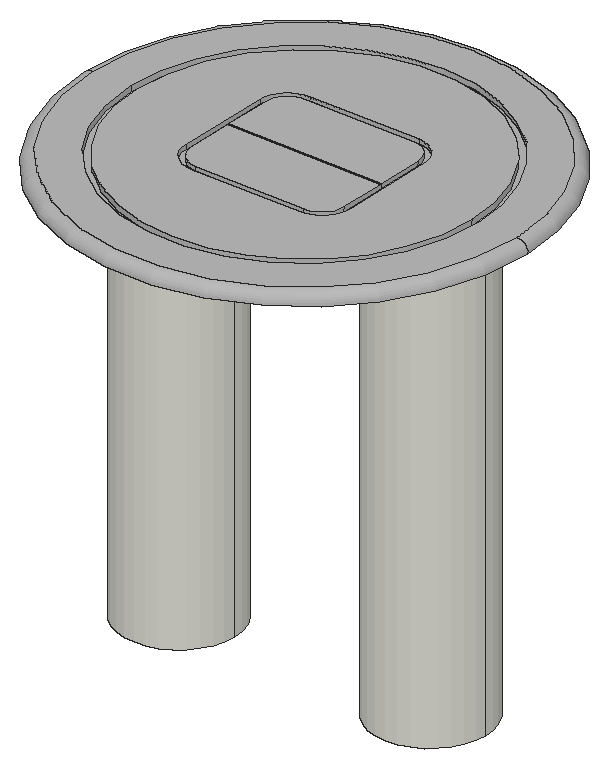
Revit family "Electrical-Box_FSR_SmartFit_PVC", category Electrical Fixtures, host Face, Revit 2026
Family settings
  Host = Face
  Round Connector Dimension = Use Diameter
  Part Type = Normal
  Cut with Voids When Loaded = No
  Maintain Annotation Orientation = No
  Shared = No
  Room Calculation Point = No
Parameters (values of type "SF-PCI5-PB - Silver Carpet Cover")
  Warranty Duration (Years) = 0
  Voltage = 120 V
  URL = "http://www.fsrinc.com/"
  Test Data = "ftp://doclib.fsrinc.com/"
  Specification = "http://www.arcat.com/specwizard/clients/fsrinc.html?coid=40389"
  Send Message = "http://admin.arcat.com/users.pl?action=UserEmail&company=FSR%20Inc.&coid=40389&rep=121&fax=973-785-4207&mf=04"
  Sales Information = "http://www.fsrinc.com/salesContacts.htm"
  Product Properties = ""
  Product Data = "http://www.arcat.com/arcatcos/cos40/arc40389.html"
  Pole = 1
  Model = "SmartFit PVC"  # constant formula
  Manufacturer Website = "http://www.fsrinc.com/"
  Manufacturer Phone - Toll Free = "800-332-3771"
  Manufacturer Phone = "973-785-4347"
  Manufacturer Fax = "973-785-4207"
  Manufacturer Address = "244 Bergen Blvd; West Paterson; NJ 07424"
  Manufacturer = "FSR Inc."
  Maintenance Schedule (Months) = 0
  Keynote = "26 27 26"
  Installation-Fabrication = "ftp://doclib.fsrinc.com/"
  Installation Phase = ""
  Green Building-LEED = "http://www.arcat.com/green/clients04/leed_data_40389.html"
  Expected Lifespan (Years) = 0
  Drawn By = "Robert S. Weygant. CSI, CDT, SCIP"  # constant formula
  Description = "FSR SmartFit PVC - SF-PCI5-PB - Silver Carpet Cover"
  Default Elevation = 48.00"
  Radius = 4.00"
  Cover Material = Silver
  Copyright = "2009, ARCAT, Inc."  # constant formula
  Construction Details = "ftp://doclib.fsrinc.com/"
  Connections = "(2) - 1\" EMT Conduit"
  Building Codes = "ftp://doclib.fsrinc.com/"
  Box Depth [instance] = 8.00"
  Body Material = Material and Finish as Specified in 26 27 26
  Assembly Code = "D5020100"
  Apparent Load = 0 VA
Types (30): name | Description | Cover Material
  SF-CI5LB-PB - Black Carpet Cover | "FSR SmartFit PVC - SF-CI5LB-PB - Black Carpet Cover" | Black
  SF-CI5LB-PB - Black Tile Cover | "FSR SmartFit PVC - SF-CI5LB-PB - Black Tile Cover" | Black
  SF-CI5LB-PB - Brass Carpet Cover | "FSR SmartFit PVC - SF-CI5LB-PB - Brass Carpet Cover" | Brass
  SF-CI5LB-PB - Brass Tile Cover | "FSR SmartFit PVC - SF-CI5LB-PB - Brass Tile Cover" | Brass
  SF-CI5LB-PB - Silver Carpet Cover | "FSR SmartFit PVC - SF-CI5LB-PB - Silver Carpet Cover" | Silver
  SF-CI5LB-PB - Silver Tile Cover | "FSR SmartFit PVC - SF-CI5LB-PB - Silver Tile Cover" | Silver
  SF-CI5-PB - Black Carpet Cover | "FSR SmartFit PVC - SF-CI5-PB - Black Carpet Cover" | Black
  SF-CI5-PB - Black Tile Cover | "FSR SmartFit PVC - SF-CI5-PB - Black Tile Cover" | Black
  SF-CI5-PB - Brass Carpet Cover | "FSR SmartFit PVC - SF-CI5-PB - Brass Carpet Cover" | Brass
  SF-CI5-PB - Brass Tile Cover | "FSR SmartFit PVC - SF-CI5-PB - Brass Tile Cover" | Brass
  SF-CI5-PB - Silver Carpet Cover | "FSR SmartFit PVC - SF-CI5-PB - Silver Carpet Cover" | Silver
  SF-CI5-PB - Silver Tile Cover | "FSR SmartFit PVC - SF-CI5-PB - Silver Tile Cover" | Silver
  SF-IPS-PB - Black Carpet Cover | "FSR SmartFit PVC - SF-IPS-PB - Black Carpet Cover" | Black
  SF-IPS-PB - Black Tile Cover | "FSR SmartFit PVC - SF-IPS-PB - Black Tile Cover" | Black
  SF-IPS-PB - Brass Carpet Cover | "FSR SmartFit PVC - SF-IPS-PB - Brass Carpet Cover" | Brass
  SF-IPS-PB - Brass Tile Cover | "FSR SmartFit PVC - SF-IPS-PB - Brass Tile Cover" | Brass
  SF-IPS-PB - Silver Carpet Cover | "FSR SmartFit PVC - SF-IPS-PB - Silver Carpet Cover" | Silver
  SF-IPS-PB - Silver Tile Cover | "FSR SmartFit PVC - SF-IPS-PB - Silver Tile Cover" | Silver
  SF-PCI5-PB - Black Carpet Cover | "FSR SmartFit PVC - SF-PCI5-PB - Black Carpet Cover" | Black
  SF-PCI5-PB - Black Tile Cover | "FSR SmartFit PVC - SF-PCI5-PB - Black Tile Cover" | Black
  SF-PCI5-PB - Brass Carpet Cover | "FSR SmartFit PVC - SF-PCI5-PB - Brass Carpet Cover" | Brass
  SF-PCI5-PB - Brass Tile Cover | "FSR SmartFit PVC - SF-PCI5-PB - Brass Tile Cover" | Brass
  SF-PCI5-PB - Silver Carpet Cover | "FSR SmartFit PVC - SF-PCI5-PB - Silver Carpet Cover" | Silver
  SF-PCI5-PB - Silver Tile Cover | "FSR SmartFit PVC - SF-PCI5-PB - Silver Tile Cover" | Silver
  SF-SVA-PB - Black Carpet Cover | "FSR SmartFit PVC - SF-SVA-PB - Black Carpet Cover" | Black
  SF-SVA-PB - Black Tile Cover | "FSR SmartFit PVC - SF-SVA-PB - Black Tile Cover" | Black
  SF-SVA-PB - Brass Carpet Cover | "FSR SmartFit PVC - SF-SVA-PB - Brass Carpet Cover" | Brass
  SF-SVA-PB - Brass Tile Cover | "FSR SmartFit PVC - SF-SVA-PB - Brass Tile Cover" | Brass
  SF-SVA-PB - Silver Carpet Cover | "FSR SmartFit PVC - SF-SVA-PB - Silver Carpet Cover" | Silver
  SF-SVA-PB - Silver Tile Cover | "FSR SmartFit PVC - SF-SVA-PB - Silver Tile Cover" | Silver
Reference planes (in)
  plane 1 "Center (Front/Back)": y = 0
  plane 2: z = 0
  plane 3 "Center (Left/Right)": x = 0
  plane 4: z = -8
Forms (in)
  Extrusion 1, solid, material "Material and Finish as Specified in 26 27 26" <- "Body Material"
    sketch origin (0, 0, 0) x (1, 0, 0) y (0, 1, 0)
      loop
        circle (-2.25703, 0) r 1
      loop
        circle (2.25703, 0) r 1
    from 0 to -8
  Extrusion 2, solid, material "Silver" <- "Cover Material"
    sketch origin (0, 0, 0) x (1, 0, 0) y (0, 1, 0)
      loop
        circle (0, 0) r 4
    from 0 to 0.2
  Extrusion 3, void
    sketch origin (0, 0, 0) x (1, 0, 0) y (0, 1, 0)
      loop
        circle (0, 0) r 3
      loop
        circle (0, 0) r 3.125
    from 0.10721 to 0.52424
  Sweep 4, void
    path origin (0, 0, 0) x (1, 0, 0) y (0, 1, 0)
      loop
        arc (-0.97238, 1.33357) -> (-1.32594, 1.18713) -> (-1.47238, 0.83357) r 0.5
        line (-1.47238, 0.83357) -> (-1.47238, -0.83357)
        arc (-1.47238, -0.83357) -> (-1.32594, -1.18713) -> (-0.97238, -1.33357) r 0.5
        line (-0.97238, -1.33357) -> (0.97238, -1.33357)
        arc (0.97238, -1.33357) -> (1.32594, -1.18713) -> (1.47238, -0.83357) r 0.5
        line (1.47238, -0.83357) -> (1.47238, 0.83357)
        arc (1.47238, 0.83357) -> (1.32594, 1.18713) -> (0.97238, 1.33357) r 0.5
        line (0.97238, 1.33357) -> (-0.97238, 1.33357)
    profile origin (0, 1.33357, 0) x (0, 1, 0) y (0, 0, 1)
      loop
        line (0, 0.13006) -> (0, 0.3027) -> (-0.10306, 0.3027) -> (-0.10306, 0.13006) -> (0, 0.13006)
  Extrusion 5, void
    sketch origin (0, 0, 0) x (1, 0, 0) y (0, 1, 0)
      loop
        line (-1.36932, 0.01606) -> (-1.36932, -0.01606) -> (1.36932, -0.01606) -> (1.36932, 0.01606) -> (-1.36932, 0.01606)
    from 0.13006 to 1
  Sweep 6, void
    path in 3D
      loop
        arc (-4, 0, 0.2) -> (0, 4, 0.2) -> (4, 0, 0.2) r 4
        arc (4, 0, 0.2) -> (0, -4, 0.2) -> (-4, 0, 0.2) r 4
    profile origin (0, -4, 0.2) x (0, -1, 0) y (0, 0, 1)
      loop
        line (0, 0) -> (-0.2, 0)
        arc (-0.2, 0) -> (-0.05858, -0.05858) -> (0, -0.2) r 0.2
        line (0, -0.2) -> (0, 0)
  Extrusion 7, void
    sketch origin (0, 0, 0) x (1, 0, 0) y (0, 1, 0)
      loop
        circle (0, 0) r 4
    from 0 to -8
Cuts and joins
  Extrusion 3, Sweep 4, Extrusion 5, Sweep 6 cuts Extrusion 2
Lines and regions (in)
  sketch lines
    curve 1: arc (4, 0, 0.2) -> (0, -4, 0.2) -> (-4, 0, 0.2) r 4
    curve 2: arc (-4, 0, 0.2) -> (0, 4, 0.2) -> (4, 0, 0.2) r 4
Dimensions and locks (in)
  "Box Depth": plane 2 to plane 4
  Sweep 4 sketch curve to Sweep 4 sketch curve = 2.66714"
  Sweep 4 sketch curve to Sweep 4 sketch curve = 2.94477"
  Extrusion 5 sketch curve to Extrusion 5 sketch curve = 0.03212"
  Extrusion 1 sketch curve to Extrusion 1 sketch curve = 4.51406"
  "Radius": radius of Extrusion 2 sketch curve
  "Radius": radius of Extrusion 7 sketch curve
  aligned and locked: plane 2 to host face
  aligned and locked: level to host face
  aligned and locked: Extrusion 1 to plane 4
  aligned and locked: plane 4 to Extrusion 1
  aligned and locked: level to Extrusion 7
  aligned and locked: Extrusion 7 to plane 4
Automatic sketch dimensions
  host sketch curve to host sketch curve = 96.00"  (x2)
  plane 1 "Center (Front/Back)" to Extrusion 1 sketch curve = 0.00"  (x2)
  Extrusion 1 sketch curve to plane 3 "Center (Left/Right)" = 2.25703"
  plane 3 "Center (Left/Right)" to Extrusion 1 sketch curve = 2.25703"
  plane 1 "Center (Front/Back)" to Extrusion 2 sketch curve = 0.00"
  Extrusion 2 sketch curve to plane 3 "Center (Left/Right)" = 0.00"
  Extrusion 3 sketch curve to Extrusion 3 sketch curve = 0.00"  (x12)
  plane 1 "Center (Front/Back)" to Extrusion 3 sketch curve = 0.00"
  Extrusion 3 sketch curve to plane 3 "Center (Left/Right)" = 0.00"
  Extrusion 3 sketch curve to Extrusion 3 sketch curve = 3.00"
  Extrusion 3 sketch curve to Extrusion 3 sketch curve = 0.125"
  plane 1 "Center (Front/Back)" to Sweep 4 sketch curve = 0.83357"
  Sweep 4 sketch curve to plane 3 "Center (Left/Right)" = 1.47238"
  Sweep 4 sketch curve to Sweep 4 sketch curve = 0.50"  (x3)
  plane 3 "Center (Left/Right)" to Sweep 4 sketch curve = 0.97238"  (x2)
  Sweep 4 sketch curve to plane 1 "Center (Front/Back)" = 0.83357"
  Sweep 4 sketch curve to profile plane = 0.00"
  profile plane to Sweep 4 sketch curve = 0.10306"
  profile plane to Sweep 4 sketch curve = 0.13006"
  Sweep 4 sketch curve to Sweep 4 sketch curve = 0.17264"
  plane 1 "Center (Front/Back)" to Extrusion 5 sketch curve = 0.01606"
  Extrusion 5 sketch curve to plane 3 "Center (Left/Right)" = 1.36932"
  plane 3 "Center (Left/Right)" to Extrusion 5 sketch curve = 1.36932"
  Extrusion 5 sketch curve to plane 1 "Center (Front/Back)" = 0.01606"
  Sweep 6 sketch curve to profile plane = 0.00"  (x2)
  profile plane to Sweep 6 sketch curve = 0.20"
  plane 1 "Center (Front/Back)" to Extrusion 7 sketch curve = 0.00"
  Extrusion 7 sketch curve to plane 3 "Center (Left/Right)" = 0.00"
  radius of Extrusion 1 sketch curve = 1.00"  (x2)
Connectors (in)
  electrical at (2.25703, 0, -8), driven by "Pole", driven by "Voltage", driven by "Apparent Load"
    settings: on Extrusion 1, index 1, voltage 120 V, apparent load 0 VA, apparent load phase1 0 VA, apparent load phase2 0 VA, apparent load phase3 0 VA, power factor 1, load classification "Other", number of poles 1, system type 30, power factor state 1, is connector primary yes, connector utility no, sub classification motor no, connector description ""
